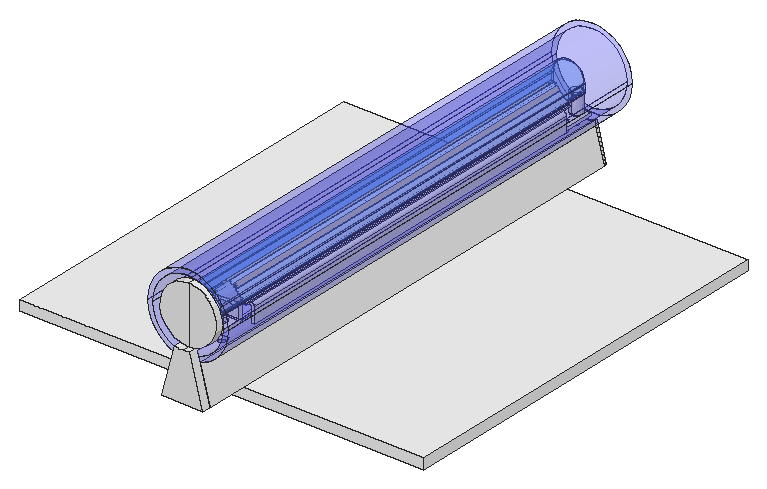
Revit family "BE_50083.1_de_DE", category Leuchten, Revit 2015
Parameters (values of type "BEGA_50083.1_K4")
  built-in parameter 1150104 = 14.056 (stored number, unit not read)
  Wattage = 15.6 W
  Default Elevation = 0 mm
  built-in parameter 1150113 = 1 (stored number, unit not read)
  built-in parameter 1114218 = 1 (stored number, unit not read)
  Umgebungstemperatur = ""
  URL = "http://www.bega.de/produkt/50083.1"
  Typenkommentare = "© 2017 BEGA. Wir behalten uns das Recht vor, technische Änderungen ohne vorherige Ankündigung vorzunehmen."  # constant formula
  built-in parameter 1150134 = 12
  built-in parameter 1150109 = 1 (stored number, unit not read)
  Strom = ""
  built-in parameter 1150110 = 1 (stored number, unit not read)
  Spannung = 239.996 V
  Sonderanfertigung = no
  Seriennummer [instance] = "Hier können Sie die eindeutige Seriennummer für das Facility Management eintragen."
  Schutzklasse = "I"
  Schutzart = "IP 20"
  Scheinlast = 0 VA
  Produktdatenblatt = "http://www.bega.de/download/Xrfa/db/50083.1.db.de.pdf"
  Oberflächentemperatur = ""
  Neigungswinkel = 0.00°
  Modell = "50083.1K4"
  Material_17 = BEGA_Reflektor
  Material_15 = BEGA_Leuchtmedium_matt
  Material_11 = BEGA_Glas_opal
  Material_10 = BEGA_Glas_matt
  Material_09 = BEGA_Glas_klar
  Material_06 = BEGA_Oberfläche_Edelstahl_gebürstet
  Material_05 = BEGA_Oberfläche_Aluminium Guss
  Material_03 = BEGA_Oberfläche_Weiss_matt
  Material_02 = BEGA_Oberfläche_Silber_matt
  Material_01 [instance] = BEGA_Oberfläche_Grafit_matt
  M_W = no
  M_G = no
  M_A = no
  Logo = 0
  built-in parameter 1114217 = 1 (stored number, unit not read)
  built-in parameter 1150139 = (empty or 0)
  built-in parameter 1150105 = 187.83 (stored number, unit not read)
  built-in parameter 1150114 = 1 (stored number, unit not read)
  Lumens = 2360.28 lm
  built-in parameter 1150115 = 1 (stored number, unit not read)
  Leuchtenlichtstrom = "1839 lm"
  Leuchtenanzahl = ""
  Lebensdauerkriterien = "L70B50 @ 25 °C = 374000 h"
  Lastklassifizierung = Beleuchtung
  built-in parameter 1150112 = 1 (stored number, unit not read)
  Lampenlichtstrom = "2360 lm"
  Lampe = "LED 15.6 W"
  LED_Modulbezeichnung = "4x LED-0626/840 "
  Hersteller = "BEGA"  # constant formula
  Halbstreuwinkel = ""
  Gewicht = "2.2 kg"
  Gebrauchslageneinschränkung [instance] = ""
  Frequenz = "0/50-60 Hz"
  Farbwiedergabeindex = "Ra > 80"
  Farbtemperaturverschiebung bei Dämpfen der Lampe = <Keine Auswahl>
  Farbtemperatur = "4000 K"
  Color Filter = 16777215
  built-in parameter 1150133 = 10 (stored number, unit not read)
  Energieeffizienzklasse = "LED A++ - A"
  built-in parameter 1150137 = (empty or 0)
  built-in parameter 1150132 = (empty or 0)
  ENEC = ""
  Dimmbar [instance] = "DALI"
  Datei für fotometrisches Netz = "BE_50083K4.IES"
  CE_Konformität = "ja"
  Bestellnummer = "50083.1K4"
  Beschreibung_Sonderanfertigung = "Hier können Sie Informationen zur Sonderanfertigung eintragen."
  Beschreibung = "Wandleuchte"
  built-in parameter 1150106 = 1.8783 (stored number, unit not read)
  Befestigungsbohrung = "Ø 6,5 mm"
  Befestigungsabstand = "420 mm"
  Ballwurfsicher = ""
  BEGA_Intern_aus = yes
  BEGA_Intern_an = yes
  BEGA_Intern_Konstruktion = yes
  BEGA_Intern = yes
  BEGA_IES = yes
  BEGA_Dummy = no
  Anschlussleitung = ""
  Anschlussleistung [instance] = "18.6 W"
  Anschlusskasten = ""
  built-in parameter 1150107 = 4000 (stored number, unit not read)
  built-in parameter 1150102 = (empty or 0)
  built-in parameter 1150138 = (empty or 0)
  Aktualisierung = "2017-09-29T04:10:01"
  Abstand_zur_angestrahlten_Fläche [instance] = ""
  AC/DC = "AC/DC"
Types (2, lengths in mm): name | built-in parameter 1150134 | Modell | LED_Modulbezeichnung | Farbtemperatur | Datei für fotometrisches Netz | Bestellnummer | built-in parameter 1150107
  BEGA_50083.1_K4 | 12 | "50083.1K4" | "4x LED-0626/840 " | "4000 K" | "BE_50083K4.IES" | "50083.1K4" | 4000 (stored number, unit not read)
  BEGA_50083.1_K3 | (empty or 0) | "50083.1" | "4x LED-0626/830 " | "3000 K" | "BE_50083.IES" | "50083.1" | 3000 (stored number, unit not read)
Reference planes
  plane 1 "Mitte (Vorne/Hinten)": y = 0
  plane 2: z = 0
  plane 3 "Mitte (Links/Rechts)": x = 0
  plane 4 "Links": x = -40
  plane 5 "Rechts": x = 40
  plane 6 "Unten": y = -248.973
  plane 7 "Oben": y = 257.978
  plane 8 "Vorne": z = 114.411
  plane 9 "Hinten": z = 0
Forms (mm)
  Extrusion 1, solid, material "BEGA_Platte_Weiss"
    sketch origin (0, -1119.2, 0) x (1, 0, 0) y (0, 1, 0)
      loop
        line (-200, 1319.2) -> (-200, 919.2) -> (200, 919.2) -> (200, 1319.2) -> (-200, 1319.2)
    from 0 to -10
  Extrusion 2, solid, material "BEGA_Dummy_matt", visible <- "BEGA_Dummy"
    sketch origin (80.095, -76.023, 0) x (1, 0, 0) y (0, 1, 0)
      loop
        line (-120.095, 334.001) -> (-120.095, -172.95) -> (-40.095, -172.95) -> (-40.095, 334.001) -> (-120.095, 334.001)
    from 0 to 114.411
Dimensions and locks
  plane 1 "Mitte (Vorne/Hinten)" to Extrusion 1 = 200 mm
  aligned and locked: plane 2 to Extrusion 1
  aligned and locked: level to Extrusion 1
Nested families
  nested 1: "BE_50083.1" at (0, 0, 0), type "BE_50083.1"
Connectors
  electrical at (0, 0, 0), driven by "Lastklassifizierung", driven by "Spannung", driven by "Scheinlast"
    settings: index 1, voltage 239.996 V, apparent load 0 VA, apparent load phase1 0 VA, apparent load phase2 0 VA, apparent load phase3 0 VA, power factor 1, load classification "Beleuchtung", number of poles 1, system type 31, power factor state 1, is connector primary yes, connector utility no, sub classification motor no, connector description ""
Definition of nested family "BE_50083.1"
  Parameters (values of type "BE_50083.1")
    Default Elevation = 1 mm
    URL = "http://www.bega.de/de/produkt"
    Type Comments = "© 2015 BEGA. Wir behalten uns das Recht vor, technische Änderungen ohne vorherige Ankündigung vorzunehmen. "  # constant formula
    Type Image = (empty or 0)
    Neigungswinkel_um_Z2 = 0.00°
    Neigungswinkel_um_Z1 = 0.00°
    Neigungswinkel_um_Y2 = 0.00°
    Neigungswinkel_um_Y1 = 0.00°
    Neigungswinkel_um_X2 = 0.00°
    Neigungswinkel_um_X1 = 0.00°
    Material_17 = none
    Material_15 = none
    Material_11 = none
    Material_10 = none
    Material_09 = none
    Material_06 = none
    Material_05 = none
    Material_03 = none
    Material_02 = none
    Material_01 = none
    M_W = yes
    M_G = yes
    M_A = yes
    Länge_Platte = 200 mm  # constant formula
    Höhe_Platte = -10 mm  # constant formula
    Manufacturer = "BEGA"  # constant formula
    Drehwinkel_um_Z2 = 0.00°
    Drehwinkel_um_Z1 = 0.00°
    Breite_Platte = 550 mm  # constant formula
  Reference planes
    plane 1 "Mitte (Oben/Unten)": y = 0
    plane 2: z = 0
    plane 3 "Mitte (Links/Rechts)": x = 0
    plane 4: z = 114.411
    plane 5: x = -40
    plane 6: x = 40
    plane 7: y = -248.973
    plane 8: y = 257.978
  Forms (mm)
    Extrusion 1, solid, detail levels medium
      sketch origin (0, 0, 0) x (1, 0, 0) y (0, 1, 0)
        loop
          line (-100, 275) -> (-100, -275) -> (100, -275) -> (100, 275) -> (-100, 275)
      from 0 to -10 <- "Höhe_Platte"
    Extrusion 2, solid, material <- "Material_03", detail levels medium+fine
      sketch origin (0, 0, 0) x (1, 0, 0) y (0, 0, 1)
        loop
          line (-20.646, 0) -> (20.646, 0) -> (11, 36)
          arc (11, 36) -> (0, 33.911) -> (-11, 36) r 30
          line (-11, 36) -> (-20.646, 0)
      from -248.978 to -246.978
    Extrusion 3, solid, material <- "Material_03", detail levels medium+fine
      sketch origin (0, 0, 0) x (1, 0, 0) y (0, 0, -1)
        loop
          line (-20.646, 0) -> (-7.778, -48.025)
          arc (-7.778, -48.025) -> (-3.928, -47.202) -> (0, -46.926) r 28.074
          arc (0, -46.926) -> (3.928, -47.202) -> (7.778, -48.025) r 28.074
          line (7.778, -48.025) -> (20.646, 0) -> (-20.646, 0)
      from -248.973 to -241.416
    Revolve 4, solid, material <- "Material_03", detail levels medium+fine
      sketch origin (0, 0, 0) x (0, 1, 0) y (0, 0, 1)
        loop
          line (-241.416, 75) -> (-234.057, 75) -> (-234.057, 103.074) -> (-241.416, 103.074) -> (-241.416, 75)
        axis (-234.057, 75) -> (-241.416, 75)
      angle from 0 to 360
    Extrusion 5, solid, material <- "Material_03", detail levels medium+fine
      sketch origin (0, 0, 0) x (1, 0, 0) y (0, 0, 1)
        loop
          line (20.646, 0) -> (11.012, 35.956)
          arc (11.012, 35.956) -> (0, 34.411) -> (-11.012, 35.956) r 40
          line (-11.012, 35.956) -> (-20.646, 0) -> (-18.576, 0) -> (-10.152, 31.437)
          arc (-10.152, 31.437) -> (-9.235, 32.642) -> (-7.737, 32.86) r 2
          arc (-7.737, 32.86) -> (-0.004, 31.911) -> (7.729, 32.858) r 32
          arc (7.729, 32.858) -> (9.232, 32.644) -> (10.152, 31.437) r 2
          line (10.152, 31.437) -> (18.576, 0) -> (20.646, 0)
      from -246.978 to 241.416
    Extrusion 6, solid, material <- "Material_11", detail levels medium+fine
      sketch origin (0, 0, 0) x (1, 0, 0) y (0, 0, 1)
        loop
          circle (0, 74.411) r 40
        loop
          circle (0, 74.411) r 35
      from -257.978 to 241.416
    Extrusion 7, solid, material <- "Material_10", detail levels medium+fine
      sketch origin (0, 0, 0) x (1, 0, 0) y (0, 0, 1)
        loop
          arc (16.5, 78.6) -> (0, 95.1) -> (-16.5, 78.6) r 16.5
          line (-16.5, 78.6) -> (-16.5, 70.855)
          arc (-16.5, 70.855) -> (-15.79, 69.194) -> (-14.1, 68.557) r 2.3
          line (-14.1, 68.557) -> (-12.122, 68.644)
          arc (-12.122, 68.644) -> (-11.501, 69.322) -> (-12.178, 69.943) r 0.65
          line (-12.178, 69.943) -> (-14.156, 69.856)
          arc (-14.156, 69.856) -> (-14.892, 70.133) -> (-15.2, 70.855) r 1
          line (-15.2, 70.855) -> (-15.2, 78.6)
          arc (-15.2, 78.6) -> (0, 93.8) -> (15.2, 78.6) r 15.2
          line (15.2, 78.6) -> (15.2, 70.854)
          arc (15.2, 70.854) -> (14.892, 70.132) -> (14.156, 69.855) r 1
          line (14.156, 69.855) -> (12.178, 69.943)
          arc (12.178, 69.943) -> (11.501, 69.322) -> (12.122, 68.644) r 0.65
          line (12.122, 68.644) -> (14.1, 68.557)
          arc (14.1, 68.557) -> (15.79, 69.194) -> (16.5, 70.855) r 2.3
          line (16.5, 70.855) -> (16.5, 78.6)
      from -228.778 to 226.222
    Extrusion 8, solid, material <- "Material_03", detail levels medium+fine
      sketch origin (0, 0, 0) x (1, 0, 0) y (0, 0, 1)
        loop
          arc (-15, 67) -> (-17.828, 65.828) -> (-19, 63) r 4
          line (-19, 63) -> (-19, 48) -> (-16, 48) -> (-16, 63)
          arc (-16, 63) -> (-15.707, 63.707) -> (-15, 64) r 1
          line (-15, 64) -> (15, 64)
          arc (15, 64) -> (15.707, 63.707) -> (16, 63) r 1
          line (16, 63) -> (16, 48) -> (19, 48) -> (19, 63)
          arc (19, 63) -> (17.828, 65.828) -> (15, 67) r 4
          line (15, 67) -> (-15, 67)
      from -201.56 to 183.404
    Extrusion 9, solid, material <- "Material_03", detail levels medium+fine
      sketch origin (0, 0, 0) x (0, 1, 0) y (0, 0, 1)
        loop
          arc (205.078, 44.6) -> (206.25, 41.772) -> (209.078, 40.6) r 4
          line (209.078, 40.6) -> (245.078, 40.6) -> (245.078, 43.6) -> (209.078, 43.6)
          arc (209.078, 43.6) -> (208.371, 43.893) -> (208.078, 44.6) r 1
          line (208.078, 44.6) -> (208.078, 63)
          arc (208.078, 63) -> (206.907, 65.828) -> (204.078, 67) r 4
          line (204.078, 67) -> (201.56, 67) -> (201.56, 64) -> (204.078, 64)
          arc (204.078, 64) -> (204.785, 63.707) -> (205.078, 63) r 1
          line (205.078, 63) -> (205.078, 44.6)
        loop
          line (-186.922, 52) -> (-186.922, 63)
          arc (-186.922, 63) -> (-186.629, 63.707) -> (-185.922, 64) r 1
          line (-185.922, 64) -> (-183.404, 64) -> (-183.404, 67) -> (-185.922, 67)
          arc (-185.922, 67) -> (-188.75, 65.828) -> (-189.922, 63) r 4
          line (-189.922, 63) -> (-189.922, 52)
          arc (-189.922, 52) -> (-190.215, 51.293) -> (-190.922, 51) r 1
          line (-190.922, 51) -> (-233.422, 51) -> (-233.422, 48) -> (-190.922, 48)
          arc (-190.922, 48) -> (-188.093, 49.172) -> (-186.922, 52) r 4
      from -8.933 to 9.022
    Revolve 10, solid, material <- "Material_05", detail levels medium+fine
      sketch origin (0, 0, 0) x (0, 1, 0) y (0, 0, 1)
        loop
          line (232.978, 63.85) -> (231.99, 62.862) -> (231.98, 44.85) -> (233.228, 43.6) -> (235.728, 43.6) -> (235.728, 33.498) -> (237.978, 33.498) -> (237.978, 63.85) -> (232.978, 63.85)
        axis (237.978, 63.85) -> (237.978, 33.498)
      angle from 0 to 360
    Extrusion 11, solid, material <- "Material_05", detail levels medium+fine
      sketch origin (0, 0, 0) x (1, 0, 0) y (0, 0, 1)
        loop
          line (-14.302, 70) -> (-11.5, 70) -> (-11.5, 68.5) -> (-15.957, 68.5) -> (-16.591, 67.866)
          arc (-16.591, 67.866) -> (-16.715, 67.317) -> (-16.25, 67) r 0.5
          line (-16.25, 67) -> (16.25, 67)
          arc (16.25, 67) -> (16.715, 67.317) -> (16.591, 67.866) r 0.5
          line (16.591, 67.866) -> (15.957, 68.5) -> (11.5, 68.5) -> (11.5, 70) -> (14.302, 70) -> (0.47, 82.899) -> (-0.47, 82.899) -> (-14.302, 70)
      from -209.078 to 190.922
    Extrusion 12, solid, material <- "Material_15", detail levels medium+fine
      sketch origin (0, 0, 0) x (1, 0, 0) y (0, 0, 1)
        loop
          line (-6.643, 77.57) -> (-3.369, 80.623) -> (-4.568, 81.908) -> (-7.841, 78.855) -> (-6.643, 77.57)
        loop
          line (6.643, 77.57) -> (7.841, 78.855) -> (4.568, 81.908) -> (3.369, 80.623) -> (6.643, 77.57)
      from -208.005 to 189.922
    Extrusion 13, void
      sketch origin (0, 0, 0) x (1, 0, 0) y (0, 1, 0)
        loop
          circle (0, 221) r 5
        loop
          circle (0, -199.005) r 5
      from 30.614 to 54.603
    Extrusion 14, solid, material <- "Material_03", detail levels medium+fine
      sketch origin (0, 0, 0) x (1, 0, 0) y (0, 0, 1)
        loop
          line (-7.778, 48.025) -> (-8.296, 46.092)
          arc (-8.296, 46.092) -> (0, 44.926) -> (8.296, 46.092) r 30.074
          line (8.296, 46.092) -> (7.778, 48.025)
          arc (7.778, 48.025) -> (3.928, 47.202) -> (0, 46.926) r 28.074
          arc (0, 46.926) -> (-3.928, 47.202) -> (-7.778, 48.025) r 28.074
      from 234.057 to 241.416
  Cuts and joins
    joined: Extrusion 2, Extrusion 3, Revolve 4, Extrusion 14
    Extrusion 13 cuts Extrusion 8
    Extrusion 13 cuts Extrusion 9
    joined: Extrusion 8, Extrusion 9
    Extrusion 13 cuts Extrusion 5
    Extrusion 13 cuts Extrusion 7
    Extrusion 13 cuts Extrusion 11
  Dimensions and locks
    equal spacing: Extrusion 1 sketch curve, plane 3 "Mitte (Links/Rechts)", Extrusion 1 sketch curve
    equal spacing: Extrusion 1 sketch curve, plane 1 "Mitte (Oben/Unten)", Extrusion 1 sketch curve
    "Länge_Platte": Extrusion 1 sketch curve to Extrusion 1 sketch curve
    "Breite_Platte": Extrusion 1 sketch curve to Extrusion 1 sketch curve
    aligned and locked: Extrusion 1 to plane 2
    aligned and locked: level to Extrusion 1
  Automatic sketch dimensions
    Extrusion 2 sketch curve to level = 0 mm
    Extrusion 2 sketch curve to plane 3 "Mitte (Links/Rechts)" = 0 mm
    Extrusion 2 sketch curve to plane 3 "Mitte (Links/Rechts)" = 11 mm
    Extrusion 2 sketch curve to plane 3 "Mitte (Links/Rechts)" = 20.646 mm
    plane 3 "Mitte (Links/Rechts)" to Extrusion 2 sketch curve = 11 mm
    plane 3 "Mitte (Links/Rechts)" to Extrusion 2 sketch curve = 20.646 mm
    level to Extrusion 2 sketch curve = 36 mm
    Extrusion 3 sketch curve to level = 0 mm
    Extrusion 3 sketch curve to plane 3 "Mitte (Links/Rechts)" = 7.778 mm
    Extrusion 3 sketch curve to plane 3 "Mitte (Links/Rechts)" = 20.646 mm
    plane 3 "Mitte (Links/Rechts)" to Extrusion 3 sketch curve = 20.646 mm
    Extrusion 3 sketch curve to Extrusion 3 sketch curve = 0 mm  (x3)
    Revolve 4 sketch curve to Revolve 4 sketch curve = 7.359 mm
    Revolve 4 sketch curve to Revolve 4 sketch curve = 49.421 mm
    Revolve 4 sketch curve to Revolve 4 sketch curve = 50.662 mm
    Revolve 4 sketch curve to Revolve 4 sketch curve = 0 mm
    Extrusion 3 sketch curve to plane 3 "Mitte (Links/Rechts)" = 0 mm
    Extrusion 3 sketch curve to Extrusion 3 sketch curve = 1.099 mm
    Extrusion 8 sketch curve to Extrusion 8 sketch curve = 0 mm  (x10)
    Extrusion 8 sketch curve to plane 3 "Mitte (Links/Rechts)" = 19 mm
    Extrusion 8 sketch curve to Extrusion 8 sketch curve = 1 mm  (x2)
    Extrusion 8 sketch curve to Extrusion 8 sketch curve = 3 mm  (x2)
    Extrusion 8 sketch curve to Extrusion 8 sketch curve = 15 mm
    plane 3 "Mitte (Links/Rechts)" to Extrusion 8 sketch curve = 15 mm
    Extrusion 9 sketch curve to Extrusion 9 sketch curve = 0 mm  (x10)
    Extrusion 9 sketch curve to Extrusion 9 sketch curve = 42.5 mm
    Extrusion 9 sketch curve to Extrusion 9 sketch curve = 1 mm  (x4)
    Extrusion 9 sketch curve to Extrusion 9 sketch curve = 3 mm  (x2)
    Extrusion 9 sketch curve to Extrusion 9 sketch curve = 2.518 mm  (x2)
    Extrusion 9 sketch curve to Extrusion 9 sketch curve = 36 mm
    level to Extrusion 9 sketch curve = 48 mm
    level to Extrusion 9 sketch curve = 40.6 mm
    Extrusion 9 sketch curve to Extrusion 9 sketch curve = 18.4 mm
    Extrusion 9 sketch curve to Extrusion 9 sketch curve = 11 mm
    Revolve 10 sketch curve to Revolve 10 sketch curve = 0.999 mm
    Revolve 10 sketch curve to Revolve 10 sketch curve = 1.248 mm
    Revolve 10 sketch curve to Revolve 10 sketch curve = 2.5 mm
    Revolve 10 sketch curve to Revolve 10 sketch curve = 5 mm
    Revolve 10 sketch curve to Revolve 10 sketch curve = 2.25 mm
    Revolve 10 sketch curve to Revolve 10 sketch curve = 19 mm
    Revolve 10 sketch curve to Revolve 10 sketch curve = 1.25 mm
    Revolve 10 sketch curve to Revolve 10 sketch curve = 10.102 mm
    Revolve 10 sketch curve to Revolve 10 sketch curve = 0.988 mm  (x2)
    Extrusion 7 sketch curve to Extrusion 7 sketch curve = 0 mm  (x21)
    Extrusion 7 sketch curve to plane 3 "Mitte (Links/Rechts)" = 0 mm
    Extrusion 7 sketch curve to plane 3 "Mitte (Links/Rechts)" = 12.15 mm
    Extrusion 7 sketch curve to Extrusion 7 sketch curve = 2.05 mm
    Extrusion 7 sketch curve to Extrusion 7 sketch curve = 1 mm  (x2)
    Extrusion 7 sketch curve to Extrusion 7 sketch curve = 1.3 mm
    Extrusion 7 sketch curve to Extrusion 7 sketch curve = 3.05 mm
    Extrusion 7 sketch curve to Extrusion 7 sketch curve = 1.561 mm
    Extrusion 7 sketch curve to Extrusion 7 sketch curve = 1.562 mm
    Extrusion 7 sketch curve to Extrusion 7 sketch curve = 0.028 mm  (x4)
    Extrusion 7 sketch curve to Extrusion 7 sketch curve = 1.978 mm
    Extrusion 7 sketch curve to Extrusion 7 sketch curve = 0.044 mm  (x2)
    Extrusion 7 sketch curve to Extrusion 7 sketch curve = 1.1 mm
    Extrusion 7 sketch curve to Extrusion 7 sketch curve = 0.649 mm  (x3)
    Extrusion 7 sketch curve to Extrusion 7 sketch curve = 0.001 mm  (x2)
    Extrusion 11 sketch curve to plane 3 "Mitte (Links/Rechts)" = 16.591 mm
    Extrusion 11 sketch curve to Extrusion 11 sketch curve = 0.341 mm  (x2)
    Extrusion 11 sketch curve to Extrusion 11 sketch curve = 0.634 mm  (x3)
    Extrusion 11 sketch curve to Extrusion 11 sketch curve = 1.654 mm  (x2)
    Extrusion 11 sketch curve to Extrusion 11 sketch curve = 2.802 mm  (x2)
    Extrusion 11 sketch curve to plane 3 "Mitte (Links/Rechts)" = 0.47 mm
    plane 3 "Mitte (Links/Rechts)" to Extrusion 11 sketch curve = 0.47 mm
    plane 3 "Mitte (Links/Rechts)" to Extrusion 11 sketch curve = 11.5 mm
    Extrusion 11 sketch curve to Extrusion 11 sketch curve = 0.293 mm
    Extrusion 11 sketch curve to Extrusion 11 sketch curve = 1.5 mm  (x2)
    Extrusion 11 sketch curve to Extrusion 11 sketch curve = 0.366 mm  (x2)
    Extrusion 12 sketch curve to plane 3 "Mitte (Links/Rechts)" = 7.841 mm
    Extrusion 12 sketch curve to Extrusion 12 sketch curve = 1.198 mm  (x4)
    Extrusion 12 sketch curve to Extrusion 12 sketch curve = 3.274 mm  (x2)
    plane 3 "Mitte (Links/Rechts)" to Extrusion 12 sketch curve = 3.369 mm
    Extrusion 12 sketch curve to Extrusion 12 sketch curve = 1.285 mm  (x4)
    Extrusion 5 sketch curve to level = 0 mm  (x2)
    Extrusion 5 sketch curve to plane 3 "Mitte (Links/Rechts)" = 0 mm  (x2)
    Extrusion 5 sketch curve to plane 3 "Mitte (Links/Rechts)" = 8.22 mm
    Extrusion 5 sketch curve to plane 3 "Mitte (Links/Rechts)" = 11.012 mm
    Extrusion 5 sketch curve to plane 3 "Mitte (Links/Rechts)" = 18.576 mm
    Extrusion 5 sketch curve to Extrusion 5 sketch curve = 2.071 mm  (x2)
    plane 3 "Mitte (Links/Rechts)" to Extrusion 5 sketch curve = 8.22 mm
    plane 3 "Mitte (Links/Rechts)" to Extrusion 5 sketch curve = 11.012 mm
    plane 3 "Mitte (Links/Rechts)" to Extrusion 5 sketch curve = 18.576 mm
    Extrusion 5 sketch curve to Extrusion 5 sketch curve = 0 mm  (x6)
    Extrusion 5 sketch curve to Extrusion 5 sketch curve = 5.037 mm  (x2)
    Extrusion 5 sketch curve to Extrusion 5 sketch curve = 0.484 mm
    Extrusion 5 sketch curve to Extrusion 5 sketch curve = 1.932 mm  (x2)
    Extrusion 5 sketch curve to Extrusion 5 sketch curve = 0.491 mm
    Extrusion 5 sketch curve to Extrusion 5 sketch curve = 0.518 mm  (x2)
    Extrusion 2 sketch curve to Extrusion 2 sketch curve = 27.911 mm
    level to Extrusion 3 sketch curve = 48.025 mm
    level to Revolve 4 sketch curve = 75 mm
    Revolve 4 sketch curve to Revolve 4 sketch curve = 28.074 mm
    level to Extrusion 5 sketch curve = 30.919 mm
    Extrusion 5 sketch curve to Extrusion 5 sketch curve = 10.5 mm
    level to Extrusion 7 sketch curve = 69.293 mm
    Extrusion 7 sketch curve to Extrusion 7 sketch curve = 7.745 mm
    level to Extrusion 8 sketch curve = 48 mm
    level to Revolve 10 sketch curve = 33.498 mm
    Revolve 10 sketch curve to Revolve 10 sketch curve = 0 mm  (x2)
    level to Revolve 10 sketch curve = 26.35 mm
    Revolve 10 sketch curve to Revolve 10 sketch curve = 2 mm
    level to Extrusion 11 sketch curve = 67 mm
    Extrusion 11 sketch curve to Extrusion 11 sketch curve = 12.899 mm
    level to Extrusion 12 sketch curve = 77.57 mm
    Extrusion 12 sketch curve to Extrusion 12 sketch curve = 0 mm
    Extrusion 12 sketch curve to Extrusion 12 sketch curve = 3.053 mm  (x2)
    Extrusion 14 sketch curve to plane 3 "Mitte (Links/Rechts)" = 0 mm
    Extrusion 14 sketch curve to plane 3 "Mitte (Links/Rechts)" = 7.778 mm
    plane 3 "Mitte (Links/Rechts)" to Extrusion 14 sketch curve = 7.778 mm
    Extrusion 14 sketch curve to Extrusion 14 sketch curve = 0 mm  (x4)
    Extrusion 14 sketch curve to Extrusion 14 sketch curve = 0.518 mm  (x2)
    Extrusion 14 sketch curve to Extrusion 14 sketch curve = 1.932 mm
    level to Extrusion 14 sketch curve = 46.092 mm
    plane 1 "Mitte (Oben/Unten)" to Revolve 4 sketch curve = 241.416 mm
    plane 1 "Mitte (Oben/Unten)" to Extrusion 9 sketch curve = 183.404 mm
    Extrusion 9 sketch curve to plane 1 "Mitte (Oben/Unten)" = 201.56 mm
    Revolve 10 sketch curve to plane 1 "Mitte (Oben/Unten)" = 231.98 mm
